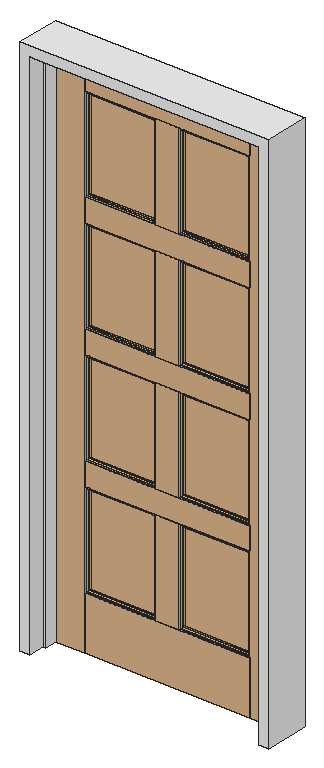
Revit family
Parameters (values of type "1 3/4" Flat Panel")
  URL = "http://www.karonadoor.com"
  Thickness Note = "Do not edit thickness."  # constant formula
  Thickness = 1.774"
  Swing Angle 2D = 90.00°
  SmartBIM Object Version = 1  # constant formula
  SmartBIM Object Created By = "Reed Construction Data"  # constant formula
  Rough Width = 0.000"
  Rough Height = 1.750"
  Panel = Panel_K5810_Karona : 1 3/4" - Flat Panel
  Model = "K5810 Ogee"  # constant formula
  Manufacturer = "Karona , Inc."  # constant formula
  Detail Door Thickness = 1.750"
  Assembly Code = ""
  Top Rail Height = 5.000"
  Top Rail = Wood, Cherry - Grain Horizontal
  Stile Width = 5.063"
  Stile = Wood, Cherry - Grain Vertical
  Sticking = Wood, Cherry - Grain Vertical
  Middle Rail = Wood, Cherry - Grain Horizontal
  Height = 84.000"
  Wall Closure = (empty or 0)
  Width = 36.000"
  Frame = Metal
  Bottom Rail Height = 8.500"
  Bottom Rail = Wood, Cherry - Grain Horizontal
  95 CSI = "08210"  # constant formula
  04 CSI = "08 14 33"  # constant formula
Types (9): name | Thickness | Rough Height | Panel | Detail Door Thickness
  1 3/4" Flat Panel | 1.774" | 1.750" | Panel_K5810_Karona : 1 3/4" - Flat Panel | 1.750"
  1 3/8" Flat Panel | 1.334" | 0.000" | Panel_K5810_Karona : 1 3/8" - Flat Panel | 1.375"
  2 1/4" Flat Panel | 2.250" | 0.000" | Panel_K5810_Karona : 2 1/4" - Flat Panel | 2.250"
  1 3/4" Glass Panel | 1.774" | 1.750" | Panel_K5810_Karona : 1 3/4" - Glass Panel | 1.750"
  1 3/8" Glass Panel | 1.334" | 0.000" | Panel_K5810_Karona : 1 3/8" - Glass Panel | 1.375"
  2 1/4" Glass Panel | 2.250" | 0.000" | Panel_K5810_Karona : 2 1/4" - Glass | 2.250"
  1 3/4" Raised Panel | 1.774" | 1.750" | Panel_K5810_Karona : 1 3/4" - Raised Panel | 1.750"
  1 3/8" Raised Panel | 1.334" | 0.000" | Panel_K5810_Karona : 1 3/8" - Raised Panel | 1.375"
  2 1/4" Raised Panel | 2.250" | 0.000" | Panel_K5810_Karona : 2 1/4" - Raised Panel | 2.250"
Reference planes (in)
  plane 1 "Center (Front/Back)": y = 0
  plane 2 "Center (Left/Right)": x = 0
  plane 3 "Left": x = -18
  plane 4 "Right": x = 18
  plane 5 "Top": z = 84
  plane 6 "Exterior Edge of Frame": y = 3.5
  plane 7 "Interior Edge of Frame": y = -3.5
  plane 8: y = 1
  plane 9: y = -1
  plane 10 "Opening Left": x = -19.5
  plane 11 "Opening Right": x = 19.5
  plane 12 "Top of Opening": z = 85.5
  plane 13: x = -17.5
Forms (in)
  Sweep 1, solid, material "Metal" <- "Frame"
    path origin (0, 0, 0) x (1, 0, 0) y (0, 0, 1)
      loop
        line (-19.5, 0) -> (-19.5, 85.5) -> (19.5, 85.5) -> (19.5, 0)
    profile origin (-19.5, 0, 42.75) x (-1, 0, 0) y (0, -1, 0)
      loop
        line (0, -3.5) -> (0, 3.5) -> (-1.5, 3.5) -> (-1.5, 1) -> (-2, 1) -> (-2, -1) -> (-1.5, -1) -> (-1.5, -3.5) -> (0, -3.5)
Lines and regions (in)
  Opening 1
    outline origin (-90, -3, 0) x (1, 0, 0) y (0, 0, 1)
      loop
        line (70.5, 0) -> (109.5, 0) -> (109.5, 85.5) -> (70.5, 85.5) -> (70.5, 0)
  symbolic lines, style "Elevation Swing"
    curve 1: line (18, 3, 0) -> (-18, 3, 42)
    curve 2: line (-18, 3, 42) -> (18, 3, 84)
Text (in)
  text "Exterior" at (-46.13199, 20.20143, 0), in view "Ref. Level"
  text "Interior" at (-46.13199, -10.56751, 0), in view "Ref. Level"
  text "Exterior" at (0, 40.15149, 123.01588), in view "Right"
  text "Interior" at (0, -64.39139, 123.01588), in view "Right"
  text "Interior" at (0, -31.01599, 123.00693), in view "Left"
  text "Exterior" at (0, 54.57065, 123.00693), in view "Left"
Dimensions and locks (in)
  "Height": level to plane 5 "Top"
  "Width": plane 3 "Left" to plane 4 "Right"
  equal spacing: host wall, curve 2, plane 5 "Top"
  locked: host wall to plane 7 "Interior Edge of Frame" at 0.5
  locked: plane 6 "Exterior Edge of Frame" to host wall at 0.5
  locked: plane 9 to plane 7 "Interior Edge of Frame" at 2.5
  locked: plane 6 "Exterior Edge of Frame" to plane 8 at 2.5
  equal spacing: plane 3 "Left", plane 2 "Center (Left/Right)", plane 4 "Right"
  locked: plane 4 "Right" to plane 11 "Opening Right" at 1.5
  locked: plane 5 "Top" to plane 12 "Top of Opening" at 1.5
  locked: plane 3 "Left" to plane 13 at 0.5
  locked: plane 10 "Opening Left" to plane 3 "Left" at 1.5
  aligned and locked: Opening 1 sketch curve to level
  aligned and locked: plane 4 "Right" to curve 1
  aligned and locked: plane 3 "Left" to curve 1
  aligned and locked: plane 5 "Top" to curve 2
  aligned and locked: Opening 1 sketch curve to plane 11 "Opening Right"
  aligned and locked: plane 12 "Top of Opening" to Opening 1 sketch curve
  aligned and locked: Opening 1 sketch curve to plane 10 "Opening Left"
  aligned and locked: plane 10 "Opening Left" to Sweep 1 sketch curve
  aligned and locked: plane 12 "Top of Opening" to Sweep 1 sketch curve
  aligned and locked: plane 11 "Opening Right" to Sweep 1 sketch curve
  aligned and locked: level to Sweep 1 sketch curve  (x2)
  aligned and locked: Sweep 1 sketch curve to plane 10 "Opening Left"
  aligned and locked: Sweep 1 sketch curve to plane 6 "Exterior Edge of Frame"
  aligned and locked: Sweep 1 sketch curve to plane 7 "Interior Edge of Frame"
  aligned and locked: Sweep 1 sketch curve to plane 8
  aligned and locked: Sweep 1 sketch curve to plane 9
  aligned and locked: plane 13 to Sweep 1 sketch curve
  aligned and locked: plane 3 "Left" to Sweep 1 sketch curve  (x2)
  aligned and locked: nested 1 to plane 2 "Center (Left/Right)"
  aligned and locked: nested 1 to plane 8
  aligned and locked: nested 2 to plane 3 "Left"
  aligned and locked: nested 2 to plane 8
Automatic sketch dimensions
  curve 1 to level = 0.000"
  curve 2 to plane 4 "Right" = 0.000"
Nested families (in)
  nested 1: "Panel_K5810_Karona" at (-13.5, 0.6591, 0) x (-1, 0, 0) z (0, 0, 1), type <- "Panel", type "1 3/4" - Flat Panel"
    with Stile Width 5.063", Panel Width 11.1245", Half Panel Width 5.56225"
  nested 2: "Door Panel Plan View" at (-31.5, 1, 0) x (-1, 0, 0) z (0, 0, 1), type "Door Panel Plan View"
    with Thickness 1.750", Height 84.000"
Definition of nested family "Panel_K5810_Karona"
  Parameters (values of type "1 3/4" - Raised Panel")
    Width = 36.000"
    Top Rail Material = Wood, Cherry - Grain Horizontal
    Top Rail Height = 10.000"
    Top Panel Offset = Top Rail Height + Half Panel Height  # 16.64063"
    Thickness Note = "Do not change door thickness"  # constant formula
    Thickness = 1.774"
    Stile Width = 8.000"
    Stile Material = Wood, Cherry - Grain Vertical
    Sticking Material = Wood, Cherry - Grain Vertical
    Panel Width = (Width - (Stile Width + Stile Width + Mullion Width)) / 2  # 8.1875"
    Panel Height = (Height - (Bottom Rail Height + Top Rail Height) - (3 * Mullion Width)) / 4  # 13.28125"
    Panel = Glass-Sticking-Assembly-Ogee_Karona : Raised Panel
    Mullion Width = 3.625"  # constant formula
    Interior Panel = Wood, Cherry - Grain Vertical
    Height = 84.000"
    Half Panel Width = 0.5 * Panel Width  # 4.09375"
    Half Panel Height = 0.5 * Panel Height  # 6.64063"
    Exterior Edge - Glass Bottom Offset = if(Thickness = 1.774", 0.567", if(Thickness = 2.250", 0.803", 0.469"))  # 0.567"
    Door Panel Material = Wood, Cherry - Grain Vertical
    Default Elevation = 0.000"  # constant formula
    Cross Rail and Panel Spacing Start = Half Panel Height + 0.5 * (3.625")  # 8.45313"
    Cross Rail Panel Height = Panel Height + 3.625"  # 16.90625"
    Bottom Rail Material = Wood, Cherry - Grain Horizontal
    Bottom Rail Height = 10.000"
    Assembly Code = ""
  Types (9): name | Top Rail Height | Top Panel Offset | Thickness | Stile Width | Panel Width | Panel Height | Panel | Interior Panel | Half Panel Width | Half Panel Height | Exterior Edge - Glass Bottom Offset | Cross Rail and Panel Spacing Start | Cross Rail Panel Height | Bottom Rail Height
    2 1/4" - Flat Panel | 5.000" | 12.45313" | 2.250" | 5.250" | 10.9375" | 14.90625" | Glass-Sticking-Assembly-Ogee_Karona : Flat Panel | Wood, Cherry - Grain Vertical | 5.46875" | 7.45313" | 0.803" | 9.26562" | 18.53125" | 8.500"
    2 1/4" - Glass | 5.000" | 12.45313" | 2.250" | 5.250" | 10.9375" | 14.90625" | Glass-Sticking-Assembly-Ogee_Karona : Glass Panel | Glass | 5.46875" | 7.45313" | 0.803" | 9.26562" | 18.53125" | 8.500"
    2 1/4" - Raised Panel | 5.000" | 12.45313" | 2.250" | 5.250" | 10.9375" | 14.90625" | Glass-Sticking-Assembly-Ogee_Karona : Raised Panel | Wood, Cherry - Grain Vertical | 5.46875" | 7.45313" | 0.803" | 9.26562" | 18.53125" | 8.500"
    1 3/4" - Raised Panel | 10.000" | 16.64063" | 1.774" | 8.000" | 8.1875" | 13.28125" | Glass-Sticking-Assembly-Ogee_Karona : Raised Panel | Wood, Cherry - Grain Vertical | 4.09375" | 6.64063" | 0.567" | 8.45313" | 16.90625" | 10.000"
    1 3/4" - Flat Panel | 5.000" | 12.45313" | 1.774" | 5.250" | 10.9375" | 14.90625" | Glass-Sticking-Assembly-Ogee_Karona : Flat Panel | Wood, Cherry - Grain Vertical | 5.46875" | 7.45313" | 0.567" | 9.26562" | 18.53125" | 8.500"
    1 3/4" - Glass Panel | 5.000" | 12.45313" | 1.774" | 5.250" | 10.9375" | 14.90625" | Glass-Sticking-Assembly-Ogee_Karona : Glass Panel | Glass | 5.46875" | 7.45313" | 0.567" | 9.26562" | 18.53125" | 8.500"
    1 3/8" - Raised Panel | 5.000" | 12.45313" | 1.334" | 5.250" | 10.9375" | 14.90625" | Glass-Sticking-Assembly-Ogee_Karona : Raised Panel | Wood, Cherry - Grain Vertical | 5.46875" | 7.45313" | 0.469" | 9.26562" | 18.53125" | 8.500"
    1 3/8" - Glass Panel | 5.000" | 12.45313" | 1.334" | 5.250" | 10.9375" | 14.90625" | Glass-Sticking-Assembly-Ogee_Karona : Glass Panel | Glass | 5.46875" | 7.45313" | 0.469" | 9.26562" | 18.53125" | 8.500"
    1 3/8" - Flat Panel | 5.000" | 12.45313" | 1.334" | 5.250" | 10.9375" | 14.90625" | Glass-Sticking-Assembly-Ogee_Karona : Flat Panel | Wood, Cherry - Grain Horizontal | 5.46875" | 7.45313" | 0.469" | 9.26562" | 18.53125" | 8.500"
  Reference planes (in)
    plane 1 "Center (Front/Back)": y = 1.2279
    plane 2: z = 0
    plane 3 "Center (Left/Right)": x = -13.5
    plane 4 "Left": x = -31.5
    plane 5: x = 4.5
    plane 6 "Inner Left": x = -23.5
    plane 7 "Inner Right": x = -3.5
    plane 8: z = 10
    plane 9 "Bottom Of Top Rail": z = 74
    plane 10 "Top": z = 84
    plane 11 "Interior Edge of Door": y = 2.1149
    plane 12: z = 74
    plane 13 "Exterior Edge of Door": y = 0.3409
    plane 14 "Bottom of Glass": y = 0.9095
    plane 15 "Left Panel Vertical Midline": x = -19.40625
    plane 16 "Right Panel Vertical Midline": x = -7.59375
    plane 17 "Center of Left Vertical Mullion": x = -16.45313
    plane 18 "Center of Right Vertical Mullion": x = -10.54688
    plane 19 "Horizontal Midline Panel 2": z = 66.78125
    plane 20 "Horizontal Midline Panel 3": z = 43.8125
    plane 21 "Horizontal Midline Panel 4": z = 40.1875
    plane 22 "Horizontal Midline Panel 5": z = 25.09375
    plane 23 "Cross Rail 3": z = 45.9375
    plane 24 "Cross Rail 4": z = 26.90625
    plane 25 "Cross Rail Bottom": z = 23.28125
    plane 26 "Horizontal Midline Panel 6": z = 16.64063
    plane 27: z = 67.35938
    plane 28 "Cross Rail 2": z = 57.09375
    plane 29 "Cross Rail Top": z = 60.71875
    plane 30: z = 50.45313
    plane 31: z = 33.54688
    plane 32: x = -15.313
    plane 33: x = -11.688
  Forms (in)
    Extrusion 1, solid, material "Wood, Cherry - Grain Horizontal" <- "Bottom Rail Material"
      sketch origin (0, -101.3125, 0) x (1, 0, 0) y (0, 0, 1)
        loop
          line (-23.5, 0) -> (-3.5, 0) -> (-3.5, 10) -> (-23.5, 10) -> (-23.5, 0)
      from -101.6534 to -103.4274
    Extrusion 2, solid, material "Wood, Cherry - Grain Vertical" <- "Stile Material"
      sketch origin (0, 1.2279, 0) x (1, 0, 0) y (0, 0, 1)
        loop
          line (-31.5, 84) -> (-31.5, 0) -> (-23.5, 0) -> (-23.5, 84) -> (-31.5, 84)
        loop
          line (-3.5, 0) -> (4.5, 0) -> (4.5, 84) -> (-3.5, 84) -> (-3.5, 0)
      from 0.887 to -0.887
    Extrusion 3, solid, material "Wood, Cherry - Grain Horizontal" <- "Top Rail Material"
      sketch origin (0, 1.2279, 0) x (1, 0, 0) y (0, 0, 1)
        loop
          line (-23.5, 84) -> (-23.5, 74) -> (-3.5, 74) -> (-3.5, 84) -> (-23.5, 84)
      from 0.887 to -0.887
    Extrusion 4, solid, material "Wood, Cherry - Grain Horizontal" <- "Top Rail Material"
      sketch origin (-0.8, 1.5475, 78.95) x (0, 0, -1) y (0, -1, 0)
        loop
          line (18.23125, -0.5674) -> (21.85625, -0.5674) -> (21.85625, 1.2066) -> (18.23125, 1.2066) -> (18.23125, -0.5674)
        loop
          line (55.66875, 1.2066) -> (52.04375, 1.2066) -> (52.04375, -0.5674) -> (55.66875, -0.5674) -> (55.66875, 1.2066)
        loop
          line (35.1375, -0.5674) -> (38.7625, -0.5674) -> (38.7625, 1.2066) -> (35.1375, 1.2066) -> (35.1375, -0.5674)
      from 2.7 to 22.7
    Extrusion 5, solid, material "Wood, Cherry - Grain Vertical" <- "Stile Material"
      sketch origin (0, 1.2279, 0) x (1, 0, 0) y (0, 0, 1)
        loop
          line (-15.313, 74) -> (-15.313, 60.71875) -> (-11.688, 60.71875) -> (-11.688, 74) -> (-15.313, 74)
        loop
          line (-15.313, 10) -> (-11.688, 10) -> (-11.688, 23.28125) -> (-15.313, 23.28125) -> (-15.313, 10)
        loop
          line (-15.313, 57.09375) -> (-15.313, 43.8125) -> (-11.688, 43.8125) -> (-11.688, 57.09375) -> (-15.313, 57.09375)
        loop
          line (-15.313, 40.1875) -> (-15.313, 26.90625) -> (-11.688, 26.90625) -> (-11.688, 40.1875) -> (-15.313, 40.1875)
      from -0.887 to 0.887
  Text (in)
    text "EXTERIOR" at (-34.59289, -1.27941, 0), in view "Ref. Level"
    text "EXTERIOR" at (0, -9.65287, 72.76687), in view "Left"
    text "EXTERIOR" at (0, -33.33473, 96.68074), in view "Right"
  Dimensions and locks (in)
    equal spacing: plane 4 "Left", plane 3 "Center (Left/Right)", plane 5
    "Width": plane 4 "Left" to plane 5
    "Stile Width": plane 4 "Left" to plane 6 "Inner Left"
    "Stile Width": plane 5 to plane 7 "Inner Right"
    "Bottom Rail Height": plane 8 to plane 2
    "Top Rail Height": plane 10 "Top" to plane 9 "Bottom Of Top Rail"
    "Height": plane 10 "Top" to plane 2
    equal spacing: plane 11 "Interior Edge of Door", plane 1 "Center (Front/Back)", plane 13 "Exterior Edge of Door"
    "Thickness": plane 11 "Interior Edge of Door" to plane 13 "Exterior Edge of Door"
    plane 14 "Bottom of Glass" to plane 13 "Exterior Edge of Door" = 0.5686"
    plane 13 "Exterior Edge of Door" to plane 14 "Bottom of Glass" = 0.5686"
    "Half Panel Width": plane 15 "Left Panel Vertical Midline" to plane 6 "Inner Left"
    "Half Panel Width": plane 7 "Inner Right" to plane 16 "Right Panel Vertical Midline"
    equal spacing: plane 3 "Center (Left/Right)", plane 17 "Center of Left Vertical Mullion", plane 15 "Left Panel Vertical Midline"
    equal spacing: plane 16 "Right Panel Vertical Midline", plane 18 "Center of Right Vertical Mullion", plane 3 "Center (Left/Right)"
    "Half Panel Height": plane 26 "Horizontal Midline Panel 6" to plane 8
    "Half Panel Height": plane 31 to plane 24 "Cross Rail 4"
    "Half Panel Height": plane 30 to plane 20 "Horizontal Midline Panel 3"
    "Mullion Width": plane 20 "Horizontal Midline Panel 3" to plane 21 "Horizontal Midline Panel 4"
    "Mullion Width": plane 29 "Cross Rail Top" to plane 28 "Cross Rail 2"
    "Mullion Width": plane 24 "Cross Rail 4" to plane 25 "Cross Rail Bottom"
    "Half Panel Height": plane 27 to plane 29 "Cross Rail Top"
    "Thickness": Extrusion 4 sketch curve to Extrusion 4 sketch curve  (x3)
    "Mullion Width": Extrusion 4 sketch curve to Extrusion 4 sketch curve  (x3)
    equal spacing: plane 12, plane 27, plane 29 "Cross Rail Top"
    equal spacing: plane 28 "Cross Rail 2", plane 30, plane 20 "Horizontal Midline Panel 3"
    equal spacing: plane 21 "Horizontal Midline Panel 4", plane 31, plane 24 "Cross Rail 4"
    plane 25 "Cross Rail Bottom" to plane 26 "Horizontal Midline Panel 6" to plane 8 = 6.64062", 6.64063"
    equal spacing: plane 19 "Horizontal Midline Panel 2", plane 23 "Cross Rail 3", plane 22 "Horizontal Midline Panel 5"
    equal spacing: plane 24 "Cross Rail 4", plane 22 "Horizontal Midline Panel 5", plane 25 "Cross Rail Bottom"
    "Mullion Width": plane 33 to plane 32
    aligned and locked: Extrusion 1 to plane 2
    aligned and locked: plane 4 "Left" to Extrusion 2 sketch curve
    aligned and locked: Extrusion 2 sketch curve to plane 10 "Top"
    aligned and locked: Extrusion 2 sketch curve to Extrusion 1  (x3)
    aligned and locked: Extrusion 1 to Extrusion 2 sketch curve
    aligned and locked: plane 10 "Top" to Extrusion 2 sketch curve
    aligned and locked: plane 5 to Extrusion 2 sketch curve
    aligned and locked: Extrusion 2 to Extrusion 3 sketch curve
    aligned and locked: Extrusion 3 sketch curve to Extrusion 2
    aligned and locked: plane 12 to plane 9 "Bottom Of Top Rail"
    aligned and locked: level to plane 2
    aligned and locked: Extrusion 3 to plane 12  (x2)
    aligned and locked: Extrusion 1 to Extrusion 2
    aligned and locked: nested 1 to plane 16 "Right Panel Vertical Midline"
    aligned and locked: plane 16 "Right Panel Vertical Midline" to nested 4
    aligned and locked: plane 16 "Right Panel Vertical Midline" to nested 3
    aligned and locked: plane 16 "Right Panel Vertical Midline" to nested 2
    aligned and locked: plane 8 to Extrusion 1  (x2)
    aligned and locked: nested 1 to plane 1 "Center (Front/Back)"
    aligned and locked: nested 2 to plane 1 "Center (Front/Back)"
    aligned and locked: nested 3 to plane 1 "Center (Front/Back)"
    aligned and locked: plane 11 "Interior Edge of Door" to Extrusion 3
    aligned and locked: Extrusion 3 to plane 13 "Exterior Edge of Door"
    aligned and locked: Extrusion 2 to plane 13 "Exterior Edge of Door"
    aligned and locked: plane 11 "Interior Edge of Door" to Extrusion 2
    aligned and locked: plane 29 "Cross Rail Top" to Extrusion 4 sketch curve
    aligned and locked: Extrusion 4 sketch curve to plane 13 "Exterior Edge of Door"
    aligned and locked: Extrusion 4 sketch curve to plane 21 "Horizontal Midline Panel 4"
    aligned and locked: Extrusion 4 sketch curve to plane 25 "Cross Rail Bottom"
    aligned and locked: plane 28 "Cross Rail 2" to Extrusion 4
    aligned and locked: Extrusion 1 to plane 13 "Exterior Edge of Door"
    aligned and locked: plane 11 "Interior Edge of Door" to Extrusion 1
    aligned and locked: Extrusion 5 sketch curve to plane 12
    aligned and locked: Extrusion 5 sketch curve to plane 8
    aligned and locked: plane 29 "Cross Rail Top" to Extrusion 5 sketch curve
    aligned and locked: plane 28 "Cross Rail 2" to Extrusion 5 sketch curve
    aligned and locked: Extrusion 5 sketch curve to plane 20 "Horizontal Midline Panel 3"
    aligned and locked: Extrusion 5 sketch curve to plane 21 "Horizontal Midline Panel 4"
    aligned and locked: Extrusion 5 sketch curve to plane 24 "Cross Rail 4"
    aligned and locked: Extrusion 5 sketch curve to plane 25 "Cross Rail Bottom"
    aligned and locked: plane 11 "Interior Edge of Door" to Extrusion 5
    aligned and locked: Extrusion 5 to plane 13 "Exterior Edge of Door"
    aligned and locked: plane 33 to Extrusion 5 sketch curve  (x4)
    aligned and locked: Extrusion 5 sketch curve to plane 32  (x4)
    aligned and locked: Extrusion 5 to plane 32  (x4)
    aligned and locked: nested 6 to plane 31
    aligned and locked: nested 7 to plane 30
    aligned and locked: nested 5 to plane 26 "Horizontal Midline Panel 6"
    aligned and locked: nested 8 to plane 27
    aligned and locked: plane 27 to nested 4
    aligned and locked: Extrusion 4 to plane 6 "Inner Left"
    aligned and locked: plane 7 "Inner Right" to Extrusion 4
    aligned and locked: plane 15 "Left Panel Vertical Midline" to nested 8
    aligned and locked: plane 15 "Left Panel Vertical Midline" to nested 7
    aligned and locked: plane 15 "Left Panel Vertical Midline" to nested 6
    aligned and locked: nested 5 to plane 15 "Left Panel Vertical Midline"
    aligned and locked: plane 31 to nested 2
    aligned and locked: plane 30 to nested 3
    aligned and locked: plane 26 "Horizontal Midline Panel 6" to nested 1
  Automatic sketch dimensions
    Extrusion 1 sketch curve to plane 6 "Inner Left" = 0.000"
    Extrusion 1 sketch curve to plane 7 "Inner Right" = 0.000"
    Extrusion 1 sketch curve to level = 0.000"
    Extrusion 1 sketch curve to plane 8 = 0.000"
    Extrusion 3 sketch curve to plane 7 "Inner Right" = 0.000"
    plane 9 "Bottom Of Top Rail" to Extrusion 3 sketch curve = 0.000"
    Extrusion 4 sketch curve to Extrusion 4 sketch curve = 0.000"  (x2)
  Nested families (in)
    nested 1: "Glass-Sticking-Assembly-Ogee_Karona" at (-8.0625, 1.3784, 10), Width <- "Panel Width", Height <- "Panel Height", type <- "Panel", type "Raised Panel"
      with Width 8.1875", Height 13.28125", Door Thickness 1.774", C 0.131", B 0.567", A 0.128"
    nested 2: "Glass-Sticking-Assembly-Ogee_Karona" at (-8.0625, 1.3784, 26.90625), Width <- "Panel Width", Height <- "Panel Height", type <- "Panel", type "Raised Panel"
      with Width 8.1875", Height 13.28125", Door Thickness 1.774", C 0.131", B 0.567", A 0.128"
    nested 3: "Glass-Sticking-Assembly-Ogee_Karona" at (-8.0625, 1.3784, 43.8125), Width <- "Panel Width", Height <- "Panel Height", type <- "Panel", type "Raised Panel"
      with Width 8.1875", Height 13.28125", Door Thickness 1.774", C 0.131", B 0.567", A 0.128"
    nested 4: "Glass-Sticking-Assembly-Ogee_Karona" at (-8.0625, 1.38, 60.71875), Width <- "Panel Width", Height <- "Panel Height", type <- "Panel", type "Raised Panel"
      with Width 8.1875", Height 13.28125", Door Thickness 1.774", C 0.131", B 0.567", A 0.128"
    nested 5: "Glass-Sticking-Assembly-Ogee_Karona" at (-18.9375, 1.3784, 10) x (-1, 0, 0) z (0, 0, 1), Width <- "Panel Width", Height <- "Panel Height", type <- "Panel", type "Raised Panel"
      with Width 8.1875", Height 13.28125", Door Thickness 1.774", C 0.131", B 0.567", A 0.128"
    nested 6: "Glass-Sticking-Assembly-Ogee_Karona" at (-18.9375, 1.3784, 26.90625) x (-1, 0, 0) z (0, 0, 1), Width <- "Panel Width", Height <- "Panel Height", type <- "Panel", type "Raised Panel"
      with Width 8.1875", Height 13.28125", Door Thickness 1.774", C 0.131", B 0.567", A 0.128"
    nested 7: "Glass-Sticking-Assembly-Ogee_Karona" at (-18.9375, 1.3784, 43.8125) x (-1, 0, 0) z (0, 0, 1), Width <- "Panel Width", Height <- "Panel Height", type <- "Panel", type "Raised Panel"
      with Width 8.1875", Height 13.28125", Door Thickness 1.774", C 0.131", B 0.567", A 0.128"
    nested 8: "Glass-Sticking-Assembly-Ogee_Karona" at (-18.9375, 1.38, 60.71875) x (-1, 0, 0) z (0, 0, 1), Width <- "Panel Width", Height <- "Panel Height", type <- "Panel", type "Raised Panel"
      with Width 8.1875", Height 13.28125", Door Thickness 1.774", C 0.131", B 0.567", A 0.128"
  Definition of nested family "Glass-Sticking-Assembly-Ogee_Karona"
    Parameters (values of type "Glass Panel")
      Width [instance] = 5.000"
      Vertical Profile Offset = if(Glass Panel, 0.490", 0.100")  # 0.490"
      Stop Adjustment = if(and(not(Glass Panel), Door Thickness = 1.774"), 0.513", if(and(not(Glass Panel), Door Thickness = 2.250"), 0.513", if((Glass Panel), 0.125", 0.273")))  # 0.125"
      Profile = Wood, Cherry - Grain Vertical
      Height [instance] = 23.000"
      Raised Panel = no
      Interior Panel = Glass
      Glass Panel = yes
      Door Thickness = 1.334"
      C = if(Door Thickness = 1.774", 0.131", if(Door Thickness = 2.250", 0.370", 0.093"))  # 0.093"
      B = if(Door Thickness = 1.774", 0.567", if(Door Thickness = 2.250", 0.803", 0.469"))  # 0.469"
      Assembly Code = ""
      A = if(Door Thickness = 1.774", 0.128", if(Door Thickness = 2.250", 0.364", 0.095"))  # 0.095"
    Types (3): name | Width | Vertical Profile Offset | Stop Adjustment | Raised Panel | Interior Panel | Glass Panel | Door Thickness | C | B | A
      Glass Panel | 5.000" | 0.490" | 0.125" | no | Glass | yes | 1.334" | 0.093" | 0.469" | 0.095"
      Flat Panel | 4.500" | 0.100" | 0.513" | no | Wood, Cherry - Grain Vertical | no | 2.250" | 0.370" | 0.803" | 0.364"
      Raised Panel | 4.000" | 0.100" | 0.513" | yes | Wood, Cherry - Grain Vertical | no | 2.250" | 0.370" | 0.803" | 0.364"
    Reference planes (in)
      plane 1 "Stop Adjustment Edge": y = -0.3455
      plane 2: z = 0
      plane 3 "Center (Left/Right)": x = 0.46875
      plane 4 "Back": y = 0.3945
      plane 5 "Front": y = -0.9395
      plane 6 "Left": x = -2.03125
      plane 7 "Right": x = 2.96875
      plane 8 "Top": z = 23
      plane 9 "Center (Up/Down)": z = 11.5
      plane 10 "Bottom of Stop": y = -0.2205
      plane 11 "Bottom of Glass": y = -0.4705
      plane 12 "Right Edge of Glass": x = 2.91875
      plane 13 "Left Edge of Glass": x = -1.98125
      plane 14 "Top Edge of Glass": z = 22.90625
      plane 15 "Bottom Edge of Glass": z = 0.09375
      plane 16: x = 2.84375
      plane 17 "A": y = -0.8445
      plane 18 "C": y = 0.3015
      plane 19 "Bottom Cut Line": z = 0.438
      plane 20 "Top Cut Line": z = 22.562
      plane 21 "Cut Vertical Left": x = -1.59325
      plane 22 "Cut Vertical": x = 2.53075
      plane 23 "Center (Front/Back)": y = -0.2725
    Forms (in)
      Sweep 1, solid, material "Wood, Cherry - Grain Vertical" <- "Profile"
        path origin (0, -0.3455, 0) x (1, 0, 0) y (0, 0, 1)
          loop
            line (2.96875, 23) -> (-2.03125, 23) -> (-2.03125, 0) -> (2.96875, 0) -> (2.96875, 23)
        profile origin (2.96875, -0.3455, 11.5) x (0, -1, 0) y (1, 0, 0)
          loop
            line (-0.647, 0) -> (-0.647, -0.438) -> (-0.125, -0.438) -> (-0.125, -0.05) -> (0.125, -0.05) -> (0.125, -0.438) -> (0.499, -0.438) -> (0.499, 0) -> (-0.647, 0)
      Extrusion 2, solid, material "Glass" <- "Interior Panel"
        sketch origin (0, 0, 0) x (1, 0, 0) y (0, 1, 0)
          loop
            line (-1.98125, -0.2205) -> (-1.98125, -0.4705) -> (2.91875, -0.4705) -> (2.91875, -0.2205) -> (-1.98125, -0.2205)
        from 0.09375 to 22.90625
      Extrusion 3, solid, material "Wood, Cherry - Grain Vertical" <- "Profile", visible <- "Raised Panel"
        sketch origin (0, 0, 0) x (1, 0, 0) y (0, 1, 0)
          loop
            line (2.53075, 0.3015) -> (-1.59325, 0.3015) -> (-1.59325, -0.2205) -> (2.53075, -0.2205) -> (2.53075, 0.3015)
          loop
            line (-1.59325, -0.4705) -> (-1.59325, -0.8445) -> (2.53075, -0.8445) -> (2.53075, -0.4705) -> (-1.59325, -0.4705)
        from 0.438 to 22.562
      Sweep 4, void
        path origin (0, -0.2205, 0) x (-1, 0, 0) y (0, 0, 1)
          loop
            line (2.03125, 0) -> (2.03125, 23) -> (-2.96875, 23) -> (-2.96875, 0) -> (2.03125, 0)
        profile "Profile : 05" origin (-2.03125, -0.2205, 11.5) x (1, 0, 0) y (0, 1, 0)
          loop
            line (0, 0.49) -> (0.36169, 0.49096)
            arc (0.36169, 0.49096) -> (1.01257, 0.57642) -> (1.61934, 0.827) r 2.52143
            line (1.61934, 0.827) -> (0, 0.827) -> (0, 0.49)
      Sweep 5, void
        path origin (0, -0.4705, 0) x (-1, 0, 0) y (0, 0, 1)
          loop
            line (-2.96875, 23) -> (-2.96875, 0) -> (2.03125, 0) -> (2.03125, 23) -> (-2.96875, 23)
        profile "Profile : 05" origin (2.96875, -0.4705, 11.5) x (-1, 0, 0) y (0, 1, 0)
          loop
            line (0, -0.102) -> (0, -0.439) -> (1.61934, -0.439)
            arc (1.61934, -0.439) -> (1.01257, -0.18842) -> (0.36169, -0.10296) r 2.52143
            line (0.36169, -0.10296) -> (0, -0.102)
      Sweep 6, void
        path origin (0, 0.3015, 0) x (1, 0, 0) y (0, 0, 1)
          loop
            line (-1.59325, 0.438) -> (2.53075, 0.438) -> (2.53075, 22.562) -> (-1.59325, 22.562) -> (-1.59325, 0.438)
        profile "QuarterCircleCut : QuarterCircleCut" origin (2.53075, 0.3015, 11.5) x (-1, 0, 0) y (0, -1, 0)
          loop
            arc (0.3196, 0) -> (0.182, 0.057) -> (0.125, 0.1946) r 0.1946
            line (0.125, 0.1946) -> (0.125, 0.27745) -> (0, 0.27745) -> (0, 0) -> (0.3196, 0)
      Sweep 7, void
        path origin (0, -0.8445, 0) x (1, 0, 0) y (0, 0, 1)
          loop
            line (-1.59325, 0.438) -> (2.53075, 0.438) -> (2.53075, 22.562) -> (-1.59325, 22.562) -> (-1.59325, 0.438)
        profile "QuarterCircleCut : QuarterCircleCut" origin (2.53075, -0.8445, 11.5) x (-1, 0, 0) y (0, -1, 0)
          loop
            line (0.3196, 0) -> (0, 0) -> (0, -0.27745) -> (0.125, -0.27745) -> (0.125, -0.1946)
            arc (0.125, -0.1946) -> (0.182, -0.057) -> (0.3196, 0) r 0.1946
    Cuts and joins
      Sweep 4, Sweep 5, Sweep 7 cuts Extrusion 3
      Sweep 6, Sweep 7 cuts Sweep 1
    Text (in)
      text "INTERIOR" at (-14.3788, 3.49864, 0), in view "Ref. Level"
    Dimensions and locks (in)
      equal spacing: plane 6 "Left", plane 3 "Center (Left/Right)", plane 7 "Right"
      "Width": plane 6 "Left" to plane 7 "Right"
      "Door Thickness": plane 4 "Back" to plane 5 "Front"
      "Height": plane 8 "Top" to plane 2
      equal spacing: plane 8 "Top", plane 9 "Center (Up/Down)", level
      locked: plane 1 "Stop Adjustment Edge" to plane 11 "Bottom of Glass" at 0.125
      "Stop Adjustment": plane 10 "Bottom of Stop" to plane 1 "Stop Adjustment Edge"
      locked: plane 12 "Right Edge of Glass" to plane 7 "Right" at 0.05
      locked: plane 8 "Top" to plane 14 "Top Edge of Glass" at 0.09375
      locked: plane 15 "Bottom Edge of Glass" to level at 0.09375
      locked: plane 6 "Left" to plane 13 "Left Edge of Glass" at 0.05
      "B": plane 5 "Front" to plane 11 "Bottom of Glass"
      locked: plane 16 to plane 7 "Right" at 0.125
      "A": plane 5 "Front" to plane 17 "A"
      "C": plane 18 "C" to plane 4 "Back"
      plane 4 "Back" to Sweep 1 = 0.615"
      locked: plane 19 "Bottom Cut Line" to level at 0.438
      locked: plane 8 "Top" to plane 20 "Top Cut Line" at 0.438
      locked: plane 6 "Left" to plane 21 "Cut Vertical Left" at 0.438
      locked: plane 22 "Cut Vertical" to plane 7 "Right" at 0.438
      equal spacing: plane 4 "Back", plane 23 "Center (Front/Back)", plane 5 "Front"
      aligned and locked: Sweep 1 sketch curve to plane 7 "Right"
      aligned and locked: Sweep 1 sketch curve to plane 8 "Top"
      aligned and locked: Sweep 1 sketch curve to plane 6 "Left"
      aligned and locked: Sweep 1 sketch curve to level
      aligned and locked: plane 10 "Bottom of Stop" to Sweep 1 sketch curve
      aligned and locked: plane 11 "Bottom of Glass" to Sweep 1 sketch curve
      aligned and locked: Extrusion 2 sketch curve to plane 13 "Left Edge of Glass"
      aligned and locked: Extrusion 2 sketch curve to plane 10 "Bottom of Stop"
      aligned and locked: Extrusion 2 sketch curve to plane 11 "Bottom of Glass"
      aligned and locked: Extrusion 2 sketch curve to plane 12 "Right Edge of Glass"
      aligned and locked: plane 14 "Top Edge of Glass" to Extrusion 2
      aligned and locked: Extrusion 2 to plane 15 "Bottom Edge of Glass"
      aligned and locked: Extrusion 3 sketch curve to plane 18 "C"
      aligned and locked: Extrusion 3 sketch curve to plane 10 "Bottom of Stop"
      aligned and locked: Extrusion 3 sketch curve to plane 11 "Bottom of Glass"
      aligned and locked: Extrusion 3 sketch curve to plane 17 "A"
      aligned and locked: Extrusion 3 to plane 19 "Bottom Cut Line"
      aligned and locked: Extrusion 3 to plane 20 "Top Cut Line"
      aligned and locked: plane 12 "Right Edge of Glass" to Sweep 1 sketch curve
      aligned and locked: plane 22 "Cut Vertical" to Extrusion 3 sketch curve  (x2)
      aligned and locked: Extrusion 3 sketch curve to plane 21 "Cut Vertical Left"  (x2)
      aligned and locked: plane 22 "Cut Vertical" to Sweep 1 sketch curve
      aligned and locked: Sweep 5 sketch curve to plane 6 "Left"
      aligned and locked: plane 8 "Top" to Sweep 5 sketch curve
      aligned and locked: Sweep 5 sketch curve to plane 7 "Right"
      aligned and locked: level to Sweep 5 sketch curve
      aligned and locked: Sweep 4 sketch curve to plane 7 "Right"
      aligned and locked: plane 8 "Top" to Sweep 4 sketch curve
      aligned and locked: Sweep 4 sketch curve to plane 6 "Left"
      aligned and locked: level to Sweep 4 sketch curve
      aligned and locked: plane 18 "C" to Sweep 1 sketch curve
      aligned and locked: Sweep 6 sketch curve to plane 21 "Cut Vertical Left"
      aligned and locked: plane 22 "Cut Vertical" to Sweep 6 sketch curve
      aligned and locked: Sweep 6 sketch curve to plane 19 "Bottom Cut Line"
      aligned and locked: plane 20 "Top Cut Line" to Sweep 6 sketch curve
      aligned and locked: Sweep 1 sketch curve to plane 22 "Cut Vertical"
      aligned and locked: plane 17 "A" to Sweep 1 sketch curve
      aligned and locked: Sweep 7 sketch curve to plane 21 "Cut Vertical Left"
      aligned and locked: plane 20 "Top Cut Line" to Sweep 7 sketch curve
      aligned and locked: plane 22 "Cut Vertical" to Sweep 7 sketch curve
      aligned and locked: Sweep 7 sketch curve to plane 19 "Bottom Cut Line"
    Automatic sketch dimensions
      Sweep 1 sketch curve to profile plane = 0.000"
Definition of nested family "Door Panel Plan View"
  Parameters (values of type "Door Panel Plan View")
    Width = 36.000"
    Thickness = 2.000"
    Swing Angle 2D = 90.00°
    Height = 0.000"
    Assembly Code = ""
  Reference planes (in)
    plane 1 "Center (Front/Back)": y = 0
    plane 2: z = 0
    plane 3 "Center (Left/Right)": x = -13.5
  Lines and regions (in)
    symbolic lines, style "DoorsPanelProjection"
      curve 1: line (-13.5, 0, 0) -> (-13.5, 36, 0)
      curve 2: line (-15.5, 0, 0) -> (-15.5, 36, 0)
      curve 3: line (-13.5, 0, 0) -> (-15.5, 0, 0)
      curve 4: line (-13.5, 36, 0) -> (-15.5, 36, 0)
    symbolic lines, style "Plan Swing"
      curve 5: arc (-13.5, 36, 0) -> (-38.95584, 25.45584, 0) -> (-49.5, 0, 0) r 36
  Dimensions and locks (in)
    "Width": curve 4 to curve 3
    "Thickness": curve 1 to curve 2
    "Swing Angle 2D": angle curve 1 to plane 1 "Center (Front/Back)"
    aligned and locked: plane 1 "Center (Front/Back)" to curve 5
  Automatic sketch dimensions
    curve 3 to plane 1 "Center (Front/Back)" = 0.000"
    curve 5 to plane 3 "Center (Left/Right)" = 0.000"
    curve 3 to plane 3 "Center (Left/Right)" = 0.000"
